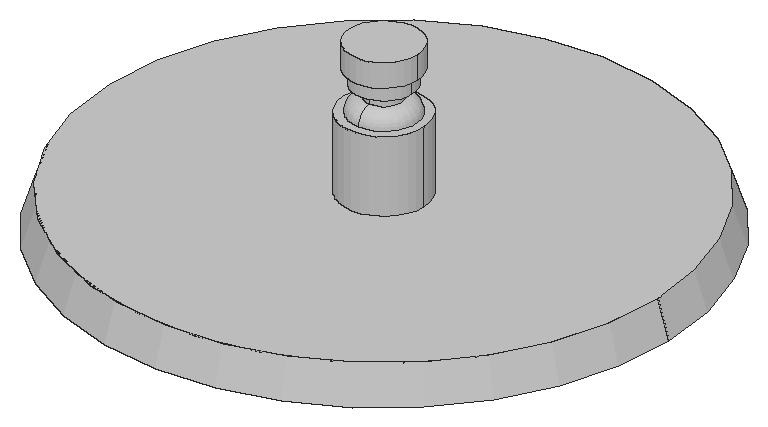
Revit family "SG0086543061CW", category Aparatos sanitarios, Revit 2019
Family settings
  Anfitrión = Techo
  Cota de conector redondo = Diámetro de uso
  Tipo de pieza = Normal
  Número OmniClass = 23.45.55.17
  Título OmniClass = Mixing Faucets
  Siempre vertical = Sí
  Corte con vacíos al cargar = No
  Compartido = No
  Punto de cálculo de habitación = No
Parameters (values of type "REGADERA REDONDA ABS 20 CM")
  Ø sanitario = 1.50 cm
  _EDESA_Revisado = "Calidad.Planos@edesa.com.ec"
  _EDESA_ Tipo de instalación = "Con brazo de ducha"
  _EDESA_ Tipo = "simple"
  _EDESA_ Sku/código = "SG0086543061CW"
  _EDESA_ Profundidad en cm = 20.00 cm
  _EDESA_ Productos necesarios para instalación = "Brazo de ducha"
  _EDESA_ Productos incluídos = ""
  _EDESA_ Peso en kg = ""
  _EDESA_ Nombre = "REGADERA REDONDA ABS 20 CM"
  _EDESA_ Materiales = "Latón"
  _EDESA_ Marca = "BRIGGS"
  _EDESA_ Manual de Instalación = "https://www.briggs.com.ec/productos/instructivos/Briggs/Griferia/Regadera_con_brazo.pdf"
  _EDESA_ Garantía = "De por vida para el cuerpo principal y acabado en cromo (306)"
  _EDESA_ Ficha Técnica = "https://www.briggs.com.ec/productos/fichastecnicaspdf/Briggs/Griferia/Regadera_redonda_ABS_20.pdf"
  _EDESA_ Descripción = "Regadera de ducha."
  _EDESA_ Cumple normativa ADA = ""
  _EDESA_ Contacto comercial = "(02) 395 2900"
  _EDESA_ Consumo/capacidad de agua en L = ""
  _EDESA_ Consumo de agua = "9.5 litros por minuto / 2.5 gpm"
  _EDESA_ Conexión hidráulica = "Entrada de agua: tubería ø 1/2\""
  _EDESA_ Color = "cromo"
  _EDESA_ Certificación = "Cumple con norma NTE - INEN 3123 basada en la norma ASME 112.18.1 - 2012."
  _EDESA_ Categoría = "Productos > Grifería > Ducha"
  _EDESA_ BIM Manager = "Ing. Evelyn Gavilanez"
  _EDESA_ Autor BIM = "http://www1.veraquintana.net/_sitevq/"
  _EDESA_ Ancho en cm = 0.00 cm
  _EDESA_ Alto en cm = 5.40 cm
  Uniformat II Description = ""
  Profundidad = 20.00 cm
  Omniclass Code = ""
  Cromo = Cromo
Reference planes (cm)
  plane 1 "Centro (Frontal/Posterior)": y = 0
  plane 2 "Techo": z = 243.84
  plane 3 "Centro (Izquierda/Derecha)": x = 0
  plane 4: z = 237.94
  plane 5: z = 239.14
  plane 6: z = 241.64
Forms (cm)
  Blend 1, solid, material "Cromo" <- "Cromo"
    base sketch origin (0, 0, 243.84) x (1, 0, 0) y (0, 1, 0)
      loop
        circle (0, 0) r 10
    top sketch origin (0, 0, 243.84) x (1, 0, 0) y (0, 1, 0)
      loop
        circle (0, 0) r 9.6
    from -5.9 to -4.7
  Extrusion 2, solid, material "Cromo" <- "Cromo"
    sketch origin (0, 0, 243.84) x (1, 0, 0) y (0, 1, 0)
      loop
        circle (0, 0) r 1.4
    from -4.7 to -2.2
  Revolve 3, solid, material "Cromo" <- "Cromo"
    sketch origin (0, 0, 3.7) x (0, 1, 0) y (0, 0, 1)
      loop
        line (0, 237.94) -> (0, 238.44) -> (-0.6, 238.44)
        arc (-0.6, 238.44) -> (-0.9536, 238.2936) -> (-1.1, 237.94) r 0.5
        line (-1.1, 237.94) -> (0, 237.94)
      axis (0, 237.94) -> (0, 238.44)
    angle from 0 to 360
  Revolve 4, solid, material "Cromo" <- "Cromo"
    sketch origin (0, 0, 3.7) x (0, 1, 0) y (0, 0, 1)
      loop
        line (0, 238.44) -> (0, 238.84) -> (-0.7, 238.84)
        arc (-0.7, 238.84) -> (-0.6293, 238.8107) -> (-0.6, 238.74) r 0.1
        line (-0.6, 238.74) -> (-0.6, 238.44) -> (0, 238.44)
      axis (0, 238.44) -> (0, 238.84)
    angle from 0 to 360
  Extrusion 5, solid, material "Cromo" <- "Cromo"
    sketch origin (0, 0, 243.84) x (1, 0, 0) y (0, 1, 0)
      loop
        circle (0, 0) r 0.993
    from -1.3 to -0.8
  Extrusion 6, solid, material "Cromo" <- "Cromo"
    sketch origin (0, 0, 243.84) x (1, 0, 0) y (0, 1, 0)
      loop
        circle (0, 0) r 1.18
    from -0.8 to 0
  Extrusion 7, solid
    sketch origin (0, 0, 243.84) x (1, 0, 0) y (0, 1, 0)
      loop
        circle (0, 1.45) r 0.2
    from -5.959 to -5.9
  Extrusion 8, solid, material "Cromo" <- "Cromo"
    sketch origin (0, 0, 243.84) x (1, 0, 0) y (0, 1, 0)
      loop
        circle (0, 1.45) r 0.1
    from -6.02 to -5.959
  Extrusion 9, solid
    sketch origin (0, 0, 243.84) x (0.5, -0.866025, 0) y (0.866025, 0.5, 0)
      loop
        circle (0, 1.45) r 0.2
    from -5.959 to -5.9
  Extrusion 10, solid, material "Cromo" <- "Cromo"
    sketch origin (0, 0, 243.84) x (0.5, -0.866025, 0) y (0.866025, 0.5, 0)
      loop
        circle (0, 1.45) r 0.1
    from -6.02 to -5.959
  Extrusion 11, solid
    sketch origin (0, 0, 243.84) x (-0.5, -0.866025, 0) y (0.866025, -0.5, 0)
      loop
        circle (0, -1.45) r 0.2
    from -5.959 to -5.9
  Extrusion 12, solid, material "Cromo" <- "Cromo"
    sketch origin (0, 0, 243.84) x (-0.5, -0.866025, 0) y (0.866025, -0.5, 0)
      loop
        circle (0, -1.45) r 0.1
    from -6.02 to -5.959
  Extrusion 13, solid
    sketch origin (0, 0, 243.84) x (1, 0, 0) y (0, 1, 0)
      loop
        circle (0, -1.45) r 0.2
    from -5.959 to -5.9
  Extrusion 14, solid, material "Cromo" <- "Cromo"
    sketch origin (0, 0, 243.84) x (1, 0, 0) y (0, 1, 0)
      loop
        circle (0, -1.45) r 0.1
    from -6.02 to -5.959
  Extrusion 15, solid
    sketch origin (0, 0, 243.84) x (0.5, 0.866025, 0) y (-0.866025, 0.5, 0)
      loop
        circle (0, -1.45) r 0.2
    from -5.959 to -5.9
  Extrusion 16, solid, material "Cromo" <- "Cromo"
    sketch origin (0, 0, 243.84) x (0.5, 0.866025, 0) y (-0.866025, 0.5, 0)
      loop
        circle (0, -1.45) r 0.1
    from -6.02 to -5.959
  Extrusion 17, solid
    sketch origin (0, 0, 243.84) x (-0.5, 0.866025, 0) y (-0.866025, -0.5, 0)
      loop
        circle (0, 1.45) r 0.2
    from -5.959 to -5.9
  Extrusion 18, solid, material "Cromo" <- "Cromo"
    sketch origin (0, 0, 243.84) x (-0.5, 0.866025, 0) y (-0.866025, -0.5, 0)
      loop
        circle (0, 1.45) r 0.1
    from -6.02 to -5.959
  Extrusion 19, solid
    sketch origin (0, 1.4, 243.84) x (1, 0, 0) y (0, 1, 0)
      loop
        circle (0, 1.45) r 0.2
    from -5.959 to -5.9
  Extrusion 20, solid, material "Cromo" <- "Cromo"
    sketch origin (0, 1.4, 243.84) x (1, 0, 0) y (0, 1, 0)
      loop
        circle (0, 1.45) r 0.1
    from -6.02 to -5.959
  Extrusion 21, solid
    sketch origin (0, 2.8, 243.84) x (1, 0, 0) y (0, 1, 0)
      loop
        circle (0, 1.45) r 0.2
    from -5.959 to -5.9
  Extrusion 22, solid, material "Cromo" <- "Cromo"
    sketch origin (0, 2.8, 243.84) x (1, 0, 0) y (0, 1, 0)
      loop
        circle (0, 1.45) r 0.1
    from -6.02 to -5.959
  Extrusion 23, solid
    sketch origin (0, 4.2, 243.84) x (1, 0, 0) y (0, 1, 0)
      loop
        circle (0, 1.45) r 0.2
    from -5.959 to -5.9
  Extrusion 24, solid, material "Cromo" <- "Cromo"
    sketch origin (0, 4.2, 243.84) x (1, 0, 0) y (0, 1, 0)
      loop
        circle (0, 1.45) r 0.1
    from -6.02 to -5.959
  Extrusion 25, solid
    sketch origin (0, 5.6, 243.84) x (1, 0, 0) y (0, 1, 0)
      loop
        circle (0, 1.45) r 0.2
    from -5.959 to -5.9
  Extrusion 26, solid, material "Cromo" <- "Cromo"
    sketch origin (0, 5.6, 243.84) x (1, 0, 0) y (0, 1, 0)
      loop
        circle (0, 1.45) r 0.1
    from -6.02 to -5.959
  Extrusion 27, solid
    sketch origin (0, 7, 243.84) x (1, 0, 0) y (0, 1, 0)
      loop
        circle (0, 1.45) r 0.2
    from -5.959 to -5.9
  Extrusion 28, solid, material "Cromo" <- "Cromo"
    sketch origin (0, 7, 243.84) x (1, 0, 0) y (0, 1, 0)
      loop
        circle (0, 1.45) r 0.1
    from -6.02 to -5.959
  Extrusion 29, solid
    sketch origin (0.7, 1.2124, 243.84) x (0.866025, -0.5, 0) y (0.5, 0.866025, 0)
      loop
        circle (0, 1.45) r 0.2
    from -5.959 to -5.9
  Extrusion 30, solid, material "Cromo" <- "Cromo"
    sketch origin (0.7, 1.2124, 243.84) x (0.866025, -0.5, 0) y (0.5, 0.866025, 0)
      loop
        circle (0, 1.45) r 0.1
    from -6.02 to -5.959
  Extrusion 31, solid
    sketch origin (1.2124, 0.7, 243.84) x (0.5, -0.866025, 0) y (0.866025, 0.5, 0)
      loop
        circle (0, 1.45) r 0.2
    from -5.959 to -5.9
  Extrusion 32, solid, material "Cromo" <- "Cromo"
    sketch origin (1.2124, 0.7, 243.84) x (0.5, -0.866025, 0) y (0.866025, 0.5, 0)
      loop
        circle (0, 1.45) r 0.1
    from -6.02 to -5.959
  Extrusion 33, solid
    sketch origin (1.4, 0, 243.84) x (0, -1, 0) y (1, 0, 0)
      loop
        circle (0, 1.45) r 0.2
    from -5.959 to -5.9
  Extrusion 34, solid, material "Cromo" <- "Cromo"
    sketch origin (1.4, 0, 243.84) x (0, -1, 0) y (1, 0, 0)
      loop
        circle (0, 1.45) r 0.1
    from -6.02 to -5.959
  Extrusion 35, solid
    sketch origin (1.2124, -0.7, 243.84) x (-0.5, -0.866025, 0) y (0.866025, -0.5, 0)
      loop
        circle (0, 1.45) r 0.2
    from -5.959 to -5.9
  Extrusion 36, solid, material "Cromo" <- "Cromo"
    sketch origin (1.2124, -0.7, 243.84) x (-0.5, -0.866025, 0) y (0.866025, -0.5, 0)
      loop
        circle (0, 1.45) r 0.1
    from -6.02 to -5.959
  Extrusion 37, solid
    sketch origin (0.7, -1.2124, 243.84) x (-0.866025, -0.5, 0) y (0.5, -0.866025, 0)
      loop
        circle (0, 1.45) r 0.2
    from -5.959 to -5.9
  Extrusion 38, solid, material "Cromo" <- "Cromo"
    sketch origin (0.7, -1.2124, 243.84) x (-0.866025, -0.5, 0) y (0.5, -0.866025, 0)
      loop
        circle (0, 1.45) r 0.1
    from -6.02 to -5.959
  Extrusion 39, solid
    sketch origin (0, -1.4, 243.84) x (-1, 0, 0) y (0, -1, 0)
      loop
        circle (0, 1.45) r 0.2
    from -5.959 to -5.9
  Extrusion 40, solid, material "Cromo" <- "Cromo"
    sketch origin (0, -1.4, 243.84) x (-1, 0, 0) y (0, -1, 0)
      loop
        circle (0, 1.45) r 0.1
    from -6.02 to -5.959
  Extrusion 41, solid
    sketch origin (-0.7, -1.2124, 243.84) x (-0.866025, 0.5, 0) y (-0.5, -0.866025, 0)
      loop
        circle (0, 1.45) r 0.2
    from -5.959 to -5.9
  Extrusion 42, solid, material "Cromo" <- "Cromo"
    sketch origin (-0.7, -1.2124, 243.84) x (-0.866025, 0.5, 0) y (-0.5, -0.866025, 0)
      loop
        circle (0, 1.45) r 0.1
    from -6.02 to -5.959
  Extrusion 43, solid
    sketch origin (-1.2124, -0.7, 243.84) x (-0.5, 0.866025, 0) y (-0.866025, -0.5, 0)
      loop
        circle (0, 1.45) r 0.2
    from -5.959 to -5.9
  Extrusion 44, solid, material "Cromo" <- "Cromo"
    sketch origin (-1.2124, -0.7, 243.84) x (-0.5, 0.866025, 0) y (-0.866025, -0.5, 0)
      loop
        circle (0, 1.45) r 0.1
    from -6.02 to -5.959
  Extrusion 45, solid
    sketch origin (-1.4, 0, 243.84) x (0, 1, 0) y (-1, 0, 0)
      loop
        circle (0, 1.45) r 0.2
    from -5.959 to -5.9
  Extrusion 46, solid, material "Cromo" <- "Cromo"
    sketch origin (-1.4, 0, 243.84) x (0, 1, 0) y (-1, 0, 0)
      loop
        circle (0, 1.45) r 0.1
    from -6.02 to -5.959
  Extrusion 47, solid
    sketch origin (-1.2124, 0.7, 243.84) x (0.5, 0.866025, 0) y (-0.866025, 0.5, 0)
      loop
        circle (0, 1.45) r 0.2
    from -5.959 to -5.9
  Extrusion 48, solid, material "Cromo" <- "Cromo"
    sketch origin (-1.2124, 0.7, 243.84) x (0.5, 0.866025, 0) y (-0.866025, 0.5, 0)
      loop
        circle (0, 1.45) r 0.1
    from -6.02 to -5.959
  Extrusion 49, solid
    sketch origin (-0.7, 1.2124, 243.84) x (0.866025, 0.5, 0) y (-0.5, 0.866025, 0)
      loop
        circle (0, 1.45) r 0.2
    from -5.959 to -5.9
  Extrusion 50, solid, material "Cromo" <- "Cromo"
    sketch origin (-0.7, 1.2124, 243.84) x (0.866025, 0.5, 0) y (-0.5, 0.866025, 0)
      loop
        circle (0, 1.45) r 0.1
    from -6.02 to -5.959
  Extrusion 51, solid
    sketch origin (1.0715, 2.5869, 243.84) x (0.92388, -0.382683, 0) y (0.382683, 0.92388, 0)
      loop
        circle (0, 1.45) r 0.2
    from -5.959 to -5.9
  Extrusion 52, solid, material "Cromo" <- "Cromo"
    sketch origin (1.0715, 2.5869, 243.84) x (0.92388, -0.382683, 0) y (0.382683, 0.92388, 0)
      loop
        circle (0, 1.45) r 0.1
    from -6.02 to -5.959
  Extrusion 53, solid
    sketch origin (1.9799, 1.9799, 243.84) x (0.707107, -0.707107, 0) y (0.707107, 0.707107, 0)
      loop
        circle (0, 1.45) r 0.2
    from -5.959 to -5.9
  Extrusion 54, solid, material "Cromo" <- "Cromo"
    sketch origin (1.9799, 1.9799, 243.84) x (0.707107, -0.707107, 0) y (0.707107, 0.707107, 0)
      loop
        circle (0, 1.45) r 0.1
    from -6.02 to -5.959
  Extrusion 55, solid
    sketch origin (2.5869, 1.0715, 243.84) x (0.382683, -0.92388, 0) y (0.92388, 0.382683, 0)
      loop
        circle (0, 1.45) r 0.2
    from -5.959 to -5.9
  Extrusion 56, solid, material "Cromo" <- "Cromo"
    sketch origin (2.5869, 1.0715, 243.84) x (0.382683, -0.92388, 0) y (0.92388, 0.382683, 0)
      loop
        circle (0, 1.45) r 0.1
    from -6.02 to -5.959
  Extrusion 57, solid
    sketch origin (2.8, 0, 243.84) x (0, -1, 0) y (1, 0, 0)
      loop
        circle (0, 1.45) r 0.2
    from -5.959 to -5.9
  Extrusion 58, solid, material "Cromo" <- "Cromo"
    sketch origin (2.8, 0, 243.84) x (0, -1, 0) y (1, 0, 0)
      loop
        circle (0, 1.45) r 0.1
    from -6.02 to -5.959
  Extrusion 59, solid
    sketch origin (2.5869, -1.0715, 243.84) x (-0.382683, -0.92388, 0) y (0.92388, -0.382683, 0)
      loop
        circle (0, 1.45) r 0.2
    from -5.959 to -5.9
  Extrusion 60, solid, material "Cromo" <- "Cromo"
    sketch origin (2.5869, -1.0715, 243.84) x (-0.382683, -0.92388, 0) y (0.92388, -0.382683, 0)
      loop
        circle (0, 1.45) r 0.1
    from -6.02 to -5.959
  Extrusion 61, solid
    sketch origin (1.9799, -1.9799, 243.84) x (-0.707107, -0.707107, 0) y (0.707107, -0.707107, 0)
      loop
        circle (0, 1.45) r 0.2
    from -5.959 to -5.9
  Extrusion 62, solid, material "Cromo" <- "Cromo"
    sketch origin (1.9799, -1.9799, 243.84) x (-0.707107, -0.707107, 0) y (0.707107, -0.707107, 0)
      loop
        circle (0, 1.45) r 0.1
    from -6.02 to -5.959
  Extrusion 63, solid
    sketch origin (1.0715, -2.5869, 243.84) x (-0.92388, -0.382683, 0) y (0.382683, -0.92388, 0)
      loop
        circle (0, 1.45) r 0.2
    from -5.959 to -5.9
  Extrusion 64, solid, material "Cromo" <- "Cromo"
    sketch origin (1.0715, -2.5869, 243.84) x (-0.92388, -0.382683, 0) y (0.382683, -0.92388, 0)
      loop
        circle (0, 1.45) r 0.1
    from -6.02 to -5.959
  Extrusion 65, solid
    sketch origin (0, -2.8, 243.84) x (-1, 0, 0) y (0, -1, 0)
      loop
        circle (0, 1.45) r 0.2
    from -5.959 to -5.9
  Extrusion 66, solid, material "Cromo" <- "Cromo"
    sketch origin (0, -2.8, 243.84) x (-1, 0, 0) y (0, -1, 0)
      loop
        circle (0, 1.45) r 0.1
    from -6.02 to -5.959
  Extrusion 67, solid
    sketch origin (-1.0715, -2.5869, 243.84) x (-0.92388, 0.382683, 0) y (-0.382683, -0.92388, 0)
      loop
        circle (0, 1.45) r 0.2
    from -5.959 to -5.9
  Extrusion 68, solid, material "Cromo" <- "Cromo"
    sketch origin (-1.0715, -2.5869, 243.84) x (-0.92388, 0.382683, 0) y (-0.382683, -0.92388, 0)
      loop
        circle (0, 1.45) r 0.1
    from -6.02 to -5.959
  Extrusion 69, solid
    sketch origin (-1.9799, -1.9799, 243.84) x (-0.707107, 0.707107, 0) y (-0.707107, -0.707107, 0)
      loop
        circle (0, 1.45) r 0.2
    from -5.959 to -5.9
  Extrusion 70, solid, material "Cromo" <- "Cromo"
    sketch origin (-1.9799, -1.9799, 243.84) x (-0.707107, 0.707107, 0) y (-0.707107, -0.707107, 0)
      loop
        circle (0, 1.45) r 0.1
    from -6.02 to -5.959
  Extrusion 71, solid
    sketch origin (-2.5869, -1.0715, 243.84) x (-0.382683, 0.92388, 0) y (-0.92388, -0.382683, 0)
      loop
        circle (0, 1.45) r 0.2
    from -5.959 to -5.9
  Extrusion 72, solid, material "Cromo" <- "Cromo"
    sketch origin (-2.5869, -1.0715, 243.84) x (-0.382683, 0.92388, 0) y (-0.92388, -0.382683, 0)
      loop
        circle (0, 1.45) r 0.1
    from -6.02 to -5.959
  Extrusion 73, solid
    sketch origin (-2.8, 0, 243.84) x (0, 1, 0) y (-1, 0, 0)
      loop
        circle (0, 1.45) r 0.2
    from -5.959 to -5.9
  Extrusion 74, solid, material "Cromo" <- "Cromo"
    sketch origin (-2.8, 0, 243.84) x (0, 1, 0) y (-1, 0, 0)
      loop
        circle (0, 1.45) r 0.1
    from -6.02 to -5.959
  Extrusion 75, solid
    sketch origin (-2.5869, 1.0715, 243.84) x (0.382683, 0.92388, 0) y (-0.92388, 0.382683, 0)
      loop
        circle (0, 1.45) r 0.2
    from -5.959 to -5.9
  Extrusion 76, solid, material "Cromo" <- "Cromo"
    sketch origin (-2.5869, 1.0715, 243.84) x (0.382683, 0.92388, 0) y (-0.92388, 0.382683, 0)
      loop
        circle (0, 1.45) r 0.1
    from -6.02 to -5.959
  Extrusion 77, solid
    sketch origin (-1.9799, 1.9799, 243.84) x (0.707107, 0.707107, 0) y (-0.707107, 0.707107, 0)
      loop
        circle (0, 1.45) r 0.2
    from -5.959 to -5.9
  Extrusion 78, solid, material "Cromo" <- "Cromo"
    sketch origin (-1.9799, 1.9799, 243.84) x (0.707107, 0.707107, 0) y (-0.707107, 0.707107, 0)
      loop
        circle (0, 1.45) r 0.1
    from -6.02 to -5.959
  Extrusion 79, solid
    sketch origin (-1.0715, 2.5869, 243.84) x (0.92388, 0.382683, 0) y (-0.382683, 0.92388, 0)
      loop
        circle (0, 1.45) r 0.2
    from -5.959 to -5.9
  Extrusion 80, solid, material "Cromo" <- "Cromo"
    sketch origin (-1.0715, 2.5869, 243.84) x (0.92388, 0.382683, 0) y (-0.382683, 0.92388, 0)
      loop
        circle (0, 1.45) r 0.1
    from -6.02 to -5.959
  Extrusion 81, solid
    sketch origin (1.2979, 3.9944, 243.84) x (0.951057, -0.309017, 0) y (0.309017, 0.951057, 0)
      loop
        circle (0, 1.45) r 0.2
    from -5.959 to -5.9
  Extrusion 82, solid, material "Cromo" <- "Cromo"
    sketch origin (1.2979, 3.9944, 243.84) x (0.951057, -0.309017, 0) y (0.309017, 0.951057, 0)
      loop
        circle (0, 1.45) r 0.1
    from -6.02 to -5.959
  Extrusion 83, solid
    sketch origin (2.4687, 3.3979, 243.84) x (0.809017, -0.587785, 0) y (0.587785, 0.809017, 0)
      loop
        circle (0, 1.45) r 0.2
    from -5.959 to -5.9
  Extrusion 84, solid, material "Cromo" <- "Cromo"
    sketch origin (2.4687, 3.3979, 243.84) x (0.809017, -0.587785, 0) y (0.587785, 0.809017, 0)
      loop
        circle (0, 1.45) r 0.1
    from -6.02 to -5.959
  Extrusion 85, solid
    sketch origin (3.3979, 2.4687, 243.84) x (0.587785, -0.809017, 0) y (0.809017, 0.587785, 0)
      loop
        circle (0, 1.45) r 0.2
    from -5.959 to -5.9
  Extrusion 86, solid, material "Cromo" <- "Cromo"
    sketch origin (3.3979, 2.4687, 243.84) x (0.587785, -0.809017, 0) y (0.809017, 0.587785, 0)
      loop
        circle (0, 1.45) r 0.1
    from -6.02 to -5.959
  Extrusion 87, solid
    sketch origin (3.9944, 1.2979, 243.84) x (0.309017, -0.951057, 0) y (0.951057, 0.309017, 0)
      loop
        circle (0, 1.45) r 0.2
    from -5.959 to -5.9
  Extrusion 88, solid, material "Cromo" <- "Cromo"
    sketch origin (3.9944, 1.2979, 243.84) x (0.309017, -0.951057, 0) y (0.951057, 0.309017, 0)
      loop
        circle (0, 1.45) r 0.1
    from -6.02 to -5.959
  Extrusion 89, solid
    sketch origin (4.2, 0, 243.84) x (0, -1, 0) y (1, 0, 0)
      loop
        circle (0, 1.45) r 0.2
    from -5.959 to -5.9
  Extrusion 90, solid, material "Cromo" <- "Cromo"
    sketch origin (4.2, 0, 243.84) x (0, -1, 0) y (1, 0, 0)
      loop
        circle (0, 1.45) r 0.1
    from -6.02 to -5.959
  Extrusion 91, solid
    sketch origin (3.9944, -1.2979, 243.84) x (-0.309017, -0.951057, 0) y (0.951057, -0.309017, 0)
      loop
        circle (0, 1.45) r 0.2
    from -5.959 to -5.9
  Extrusion 92, solid, material "Cromo" <- "Cromo"
    sketch origin (3.9944, -1.2979, 243.84) x (-0.309017, -0.951057, 0) y (0.951057, -0.309017, 0)
      loop
        circle (0, 1.45) r 0.1
    from -6.02 to -5.959
  Extrusion 93, solid
    sketch origin (3.3979, -2.4687, 243.84) x (-0.587785, -0.809017, 0) y (0.809017, -0.587785, 0)
      loop
        circle (0, 1.45) r 0.2
    from -5.959 to -5.9
  Extrusion 94, solid, material "Cromo" <- "Cromo"
    sketch origin (3.3979, -2.4687, 243.84) x (-0.587785, -0.809017, 0) y (0.809017, -0.587785, 0)
      loop
        circle (0, 1.45) r 0.1
    from -6.02 to -5.959
  Extrusion 95, solid
    sketch origin (2.4687, -3.3979, 243.84) x (-0.809017, -0.587785, 0) y (0.587785, -0.809017, 0)
      loop
        circle (0, 1.45) r 0.2
    from -5.959 to -5.9
  Extrusion 96, solid, material "Cromo" <- "Cromo"
    sketch origin (2.4687, -3.3979, 243.84) x (-0.809017, -0.587785, 0) y (0.587785, -0.809017, 0)
      loop
        circle (0, 1.45) r 0.1
    from -6.02 to -5.959
  Extrusion 97, solid
    sketch origin (1.2979, -3.9944, 243.84) x (-0.951057, -0.309017, 0) y (0.309017, -0.951057, 0)
      loop
        circle (0, 1.45) r 0.2
    from -5.959 to -5.9
  Extrusion 98, solid, material "Cromo" <- "Cromo"
    sketch origin (1.2979, -3.9944, 243.84) x (-0.951057, -0.309017, 0) y (0.309017, -0.951057, 0)
      loop
        circle (0, 1.45) r 0.1
    from -6.02 to -5.959
  Extrusion 99, solid
    sketch origin (0, -4.2, 243.84) x (-1, 0, 0) y (0, -1, 0)
      loop
        circle (0, 1.45) r 0.2
    from -5.959 to -5.9
  Extrusion 100, solid, material "Cromo" <- "Cromo"
    sketch origin (0, -4.2, 243.84) x (-1, 0, 0) y (0, -1, 0)
      loop
        circle (0, 1.45) r 0.1
    from -6.02 to -5.959
  Extrusion 101, solid
    sketch origin (-1.2979, -3.9944, 243.84) x (-0.951057, 0.309017, 0) y (-0.309017, -0.951057, 0)
      loop
        circle (0, 1.45) r 0.2
    from -5.959 to -5.9
  Extrusion 102, solid, material "Cromo" <- "Cromo"
    sketch origin (-1.2979, -3.9944, 243.84) x (-0.951057, 0.309017, 0) y (-0.309017, -0.951057, 0)
      loop
        circle (0, 1.45) r 0.1
    from -6.02 to -5.959
  Extrusion 103, solid
    sketch origin (-2.4687, -3.3979, 243.84) x (-0.809017, 0.587785, 0) y (-0.587785, -0.809017, 0)
      loop
        circle (0, 1.45) r 0.2
    from -5.959 to -5.9
  Extrusion 104, solid, material "Cromo" <- "Cromo"
    sketch origin (-2.4687, -3.3979, 243.84) x (-0.809017, 0.587785, 0) y (-0.587785, -0.809017, 0)
      loop
        circle (0, 1.45) r 0.1
    from -6.02 to -5.959
  Extrusion 105, solid
    sketch origin (-3.3979, -2.4687, 243.84) x (-0.587785, 0.809017, 0) y (-0.809017, -0.587785, 0)
      loop
        circle (0, 1.45) r 0.2
    from -5.959 to -5.9
  Extrusion 106, solid, material "Cromo" <- "Cromo"
    sketch origin (-3.3979, -2.4687, 243.84) x (-0.587785, 0.809017, 0) y (-0.809017, -0.587785, 0)
      loop
        circle (0, 1.45) r 0.1
    from -6.02 to -5.959
  Extrusion 107, solid
    sketch origin (-3.9944, -1.2979, 243.84) x (-0.309017, 0.951057, 0) y (-0.951057, -0.309017, 0)
      loop
        circle (0, 1.45) r 0.2
    from -5.959 to -5.9
  Extrusion 108, solid, material "Cromo" <- "Cromo"
    sketch origin (-3.9944, -1.2979, 243.84) x (-0.309017, 0.951057, 0) y (-0.951057, -0.309017, 0)
      loop
        circle (0, 1.45) r 0.1
    from -6.02 to -5.959
  Extrusion 109, solid
    sketch origin (-4.2, 0, 243.84) x (0, 1, 0) y (-1, 0, 0)
      loop
        circle (0, 1.45) r 0.2
    from -5.959 to -5.9
  Extrusion 110, solid, material "Cromo" <- "Cromo"
    sketch origin (-4.2, 0, 243.84) x (0, 1, 0) y (-1, 0, 0)
      loop
        circle (0, 1.45) r 0.1
    from -6.02 to -5.959
  Extrusion 111, solid
    sketch origin (-3.9944, 1.2979, 243.84) x (0.309017, 0.951057, 0) y (-0.951057, 0.309017, 0)
      loop
        circle (0, 1.45) r 0.2
    from -5.959 to -5.9
  Extrusion 112, solid, material "Cromo" <- "Cromo"
    sketch origin (-3.9944, 1.2979, 243.84) x (0.309017, 0.951057, 0) y (-0.951057, 0.309017, 0)
      loop
        circle (0, 1.45) r 0.1
    from -6.02 to -5.959
  Extrusion 113, solid
    sketch origin (-3.3979, 2.4687, 243.84) x (0.587785, 0.809017, 0) y (-0.809017, 0.587785, 0)
      loop
        circle (0, 1.45) r 0.2
    from -5.959 to -5.9
  Extrusion 114, solid, material "Cromo" <- "Cromo"
    sketch origin (-3.3979, 2.4687, 243.84) x (0.587785, 0.809017, 0) y (-0.809017, 0.587785, 0)
      loop
        circle (0, 1.45) r 0.1
    from -6.02 to -5.959
  Extrusion 115, solid
    sketch origin (-2.4687, 3.3979, 243.84) x (0.809017, 0.587785, 0) y (-0.587785, 0.809017, 0)
      loop
        circle (0, 1.45) r 0.2
    from -5.959 to -5.9
  Extrusion 116, solid, material "Cromo" <- "Cromo"
    sketch origin (-2.4687, 3.3979, 243.84) x (0.809017, 0.587785, 0) y (-0.587785, 0.809017, 0)
      loop
        circle (0, 1.45) r 0.1
    from -6.02 to -5.959
  Extrusion 117, solid
    sketch origin (-1.2979, 3.9944, 243.84) x (0.951057, 0.309017, 0) y (-0.309017, 0.951057, 0)
      loop
        circle (0, 1.45) r 0.2
    from -5.959 to -5.9
  Extrusion 118, solid, material "Cromo" <- "Cromo"
    sketch origin (-1.2979, 3.9944, 243.84) x (0.951057, 0.309017, 0) y (-0.309017, 0.951057, 0)
      loop
        circle (0, 1.45) r 0.1
    from -6.02 to -5.959
  Extrusion 119, solid
    sketch origin (1.4494, 5.4092, 243.84) x (0.965926, -0.258819, 0) y (0.258819, 0.965926, 0)
      loop
        circle (0, 1.45) r 0.2
    from -5.959 to -5.9
  Extrusion 120, solid, material "Cromo" <- "Cromo"
    sketch origin (1.4494, 5.4092, 243.84) x (0.965926, -0.258819, 0) y (0.258819, 0.965926, 0)
      loop
        circle (0, 1.45) r 0.1
    from -6.02 to -5.959
  Extrusion 121, solid
    sketch origin (2.8, 4.8497, 243.84) x (0.866025, -0.5, 0) y (0.5, 0.866025, 0)
      loop
        circle (0, 1.45) r 0.2
    from -5.959 to -5.9
  Extrusion 122, solid, material "Cromo" <- "Cromo"
    sketch origin (2.8, 4.8497, 243.84) x (0.866025, -0.5, 0) y (0.5, 0.866025, 0)
      loop
        circle (0, 1.45) r 0.1
    from -6.02 to -5.959
  Extrusion 123, solid
    sketch origin (3.9598, 3.9598, 243.84) x (0.707107, -0.707107, 0) y (0.707107, 0.707107, 0)
      loop
        circle (0, 1.45) r 0.2
    from -5.959 to -5.9
  Extrusion 124, solid, material "Cromo" <- "Cromo"
    sketch origin (3.9598, 3.9598, 243.84) x (0.707107, -0.707107, 0) y (0.707107, 0.707107, 0)
      loop
        circle (0, 1.45) r 0.1
    from -6.02 to -5.959
  Extrusion 125, solid
    sketch origin (4.8497, 2.8, 243.84) x (0.5, -0.866025, 0) y (0.866025, 0.5, 0)
      loop
        circle (0, 1.45) r 0.2
    from -5.959 to -5.9
  Extrusion 126, solid, material "Cromo" <- "Cromo"
    sketch origin (4.8497, 2.8, 243.84) x (0.5, -0.866025, 0) y (0.866025, 0.5, 0)
      loop
        circle (0, 1.45) r 0.1
    from -6.02 to -5.959
  Extrusion 127, solid
    sketch origin (5.4092, 1.4494, 243.84) x (0.258819, -0.965926, 0) y (0.965926, 0.258819, 0)
      loop
        circle (0, 1.45) r 0.2
    from -5.959 to -5.9
  Extrusion 128, solid, material "Cromo" <- "Cromo"
    sketch origin (5.4092, 1.4494, 243.84) x (0.258819, -0.965926, 0) y (0.965926, 0.258819, 0)
      loop
        circle (0, 1.45) r 0.1
    from -6.02 to -5.959
  Extrusion 129, solid
    sketch origin (5.6, 0, 243.84) x (0, -1, 0) y (1, 0, 0)
      loop
        circle (0, 1.45) r 0.2
    from -5.959 to -5.9
  Extrusion 130, solid, material "Cromo" <- "Cromo"
    sketch origin (5.6, 0, 243.84) x (0, -1, 0) y (1, 0, 0)
      loop
        circle (0, 1.45) r 0.1
    from -6.02 to -5.959
  Extrusion 131, solid
    sketch origin (5.4092, -1.4494, 243.84) x (-0.258819, -0.965926, 0) y (0.965926, -0.258819, 0)
      loop
        circle (0, 1.45) r 0.2
    from -5.959 to -5.9
  Extrusion 132, solid, material "Cromo" <- "Cromo"
    sketch origin (5.4092, -1.4494, 243.84) x (-0.258819, -0.965926, 0) y (0.965926, -0.258819, 0)
      loop
        circle (0, 1.45) r 0.1
    from -6.02 to -5.959
  Extrusion 133, solid
    sketch origin (4.8497, -2.8, 243.84) x (-0.5, -0.866025, 0) y (0.866025, -0.5, 0)
      loop
        circle (0, 1.45) r 0.2
    from -5.959 to -5.9
  Extrusion 134, solid, material "Cromo" <- "Cromo"
    sketch origin (4.8497, -2.8, 243.84) x (-0.5, -0.866025, 0) y (0.866025, -0.5, 0)
      loop
        circle (0, 1.45) r 0.1
    from -6.02 to -5.959
  Extrusion 135, solid
    sketch origin (3.9598, -3.9598, 243.84) x (-0.707107, -0.707107, 0) y (0.707107, -0.707107, 0)
      loop
        circle (0, 1.45) r 0.2
    from -5.959 to -5.9
  Extrusion 136, solid, material "Cromo" <- "Cromo"
    sketch origin (3.9598, -3.9598, 243.84) x (-0.707107, -0.707107, 0) y (0.707107, -0.707107, 0)
      loop
        circle (0, 1.45) r 0.1
    from -6.02 to -5.959
  Extrusion 137, solid
    sketch origin (2.8, -4.8497, 243.84) x (-0.866025, -0.5, 0) y (0.5, -0.866025, 0)
      loop
        circle (0, 1.45) r 0.2
    from -5.959 to -5.9
  Extrusion 138, solid, material "Cromo" <- "Cromo"
    sketch origin (2.8, -4.8497, 243.84) x (-0.866025, -0.5, 0) y (0.5, -0.866025, 0)
      loop
        circle (0, 1.45) r 0.1
    from -6.02 to -5.959
  Extrusion 139, solid
    sketch origin (1.4494, -5.4092, 243.84) x (-0.965926, -0.258819, 0) y (0.258819, -0.965926, 0)
      loop
        circle (0, 1.45) r 0.2
    from -5.959 to -5.9
  Extrusion 140, solid, material "Cromo" <- "Cromo"
    sketch origin (1.4494, -5.4092, 243.84) x (-0.965926, -0.258819, 0) y (0.258819, -0.965926, 0)
      loop
        circle (0, 1.45) r 0.1
    from -6.02 to -5.959
  Extrusion 141, solid
    sketch origin (0, -5.6, 243.84) x (-1, 0, 0) y (0, -1, 0)
      loop
        circle (0, 1.45) r 0.2
    from -5.959 to -5.9
  Extrusion 142, solid, material "Cromo" <- "Cromo"
    sketch origin (0, -5.6, 243.84) x (-1, 0, 0) y (0, -1, 0)
      loop
        circle (0, 1.45) r 0.1
    from -6.02 to -5.959
  Extrusion 143, solid
    sketch origin (-1.4494, -5.4092, 243.84) x (-0.965926, 0.258819, 0) y (-0.258819, -0.965926, 0)
      loop
        circle (0, 1.45) r 0.2
    from -5.959 to -5.9
  Extrusion 144, solid, material "Cromo" <- "Cromo"
    sketch origin (-1.4494, -5.4092, 243.84) x (-0.965926, 0.258819, 0) y (-0.258819, -0.965926, 0)
      loop
        circle (0, 1.45) r 0.1
    from -6.02 to -5.959
  Extrusion 145, solid
    sketch origin (-2.8, -4.8497, 243.84) x (-0.866025, 0.5, 0) y (-0.5, -0.866025, 0)
      loop
        circle (0, 1.45) r 0.2
    from -5.959 to -5.9
  Extrusion 146, solid, material "Cromo" <- "Cromo"
    sketch origin (-2.8, -4.8497, 243.84) x (-0.866025, 0.5, 0) y (-0.5, -0.866025, 0)
      loop
        circle (0, 1.45) r 0.1
    from -6.02 to -5.959
  Extrusion 147, solid
    sketch origin (-3.9598, -3.9598, 243.84) x (-0.707107, 0.707107, 0) y (-0.707107, -0.707107, 0)
      loop
        circle (0, 1.45) r 0.2
    from -5.959 to -5.9
  Extrusion 148, solid, material "Cromo" <- "Cromo"
    sketch origin (-3.9598, -3.9598, 243.84) x (-0.707107, 0.707107, 0) y (-0.707107, -0.707107, 0)
      loop
        circle (0, 1.45) r 0.1
    from -6.02 to -5.959
  Extrusion 149, solid
    sketch origin (-4.8497, -2.8, 243.84) x (-0.5, 0.866025, 0) y (-0.866025, -0.5, 0)
      loop
        circle (0, 1.45) r 0.2
    from -5.959 to -5.9
  Extrusion 150, solid, material "Cromo" <- "Cromo"
    sketch origin (-4.8497, -2.8, 243.84) x (-0.5, 0.866025, 0) y (-0.866025, -0.5, 0)
      loop
        circle (0, 1.45) r 0.1
    from -6.02 to -5.959
  Extrusion 151, solid
    sketch origin (-5.4092, -1.4494, 243.84) x (-0.258819, 0.965926, 0) y (-0.965926, -0.258819, 0)
      loop
        circle (0, 1.45) r 0.2
    from -5.959 to -5.9
  Extrusion 152, solid, material "Cromo" <- "Cromo"
    sketch origin (-5.4092, -1.4494, 243.84) x (-0.258819, 0.965926, 0) y (-0.965926, -0.258819, 0)
      loop
        circle (0, 1.45) r 0.1
    from -6.02 to -5.959
  Extrusion 153, solid
    sketch origin (-5.6, 0, 243.84) x (0, 1, 0) y (-1, 0, 0)
      loop
        circle (0, 1.45) r 0.2
    from -5.959 to -5.9
  Extrusion 154, solid, material "Cromo" <- "Cromo"
    sketch origin (-5.6, 0, 243.84) x (0, 1, 0) y (-1, 0, 0)
      loop
        circle (0, 1.45) r 0.1
    from -6.02 to -5.959
  Extrusion 155, solid
    sketch origin (-5.4092, 1.4494, 243.84) x (0.258819, 0.965926, 0) y (-0.965926, 0.258819, 0)
      loop
        circle (0, 1.45) r 0.2
    from -5.959 to -5.9
  Extrusion 156, solid, material "Cromo" <- "Cromo"
    sketch origin (-5.4092, 1.4494, 243.84) x (0.258819, 0.965926, 0) y (-0.965926, 0.258819, 0)
      loop
        circle (0, 1.45) r 0.1
    from -6.02 to -5.959
  Extrusion 157, solid
    sketch origin (-4.8497, 2.8, 243.84) x (0.5, 0.866025, 0) y (-0.866025, 0.5, 0)
      loop
        circle (0, 1.45) r 0.2
    from -5.959 to -5.9
  Extrusion 158, solid, material "Cromo" <- "Cromo"
    sketch origin (-4.8497, 2.8, 243.84) x (0.5, 0.866025, 0) y (-0.866025, 0.5, 0)
      loop
        circle (0, 1.45) r 0.1
    from -6.02 to -5.959
  Extrusion 159, solid
    sketch origin (-3.9598, 3.9598, 243.84) x (0.707107, 0.707107, 0) y (-0.707107, 0.707107, 0)
      loop
        circle (0, 1.45) r 0.2
    from -5.959 to -5.9
  Extrusion 160, solid, material "Cromo" <- "Cromo"
    sketch origin (-3.9598, 3.9598, 243.84) x (0.707107, 0.707107, 0) y (-0.707107, 0.707107, 0)
      loop
        circle (0, 1.45) r 0.1
    from -6.02 to -5.959
  Extrusion 161, solid
    sketch origin (-2.8, 4.8497, 243.84) x (0.866025, 0.5, 0) y (-0.5, 0.866025, 0)
      loop
        circle (0, 1.45) r 0.2
    from -5.959 to -5.9
  Extrusion 162, solid, material "Cromo" <- "Cromo"
    sketch origin (-2.8, 4.8497, 243.84) x (0.866025, 0.5, 0) y (-0.5, 0.866025, 0)
      loop
        circle (0, 1.45) r 0.1
    from -6.02 to -5.959
  Extrusion 163, solid
    sketch origin (-1.4494, 5.4092, 243.84) x (0.965926, 0.258819, 0) y (-0.258819, 0.965926, 0)
      loop
        circle (0, 1.45) r 0.2
    from -5.959 to -5.9
  Extrusion 164, solid, material "Cromo" <- "Cromo"
    sketch origin (-1.4494, 5.4092, 243.84) x (0.965926, 0.258819, 0) y (-0.258819, 0.965926, 0)
      loop
        circle (0, 1.45) r 0.1
    from -6.02 to -5.959
  Extrusion 165, solid
    sketch origin (1.5576, 6.8245, 243.84) x (0.974928, -0.222521, 0) y (0.222521, 0.974928, 0)
      loop
        circle (0, 1.45) r 0.2
    from -5.959 to -5.9
  Extrusion 166, solid, material "Cromo" <- "Cromo"
    sketch origin (1.5576, 6.8245, 243.84) x (0.974928, -0.222521, 0) y (0.222521, 0.974928, 0)
      loop
        circle (0, 1.45) r 0.1
    from -6.02 to -5.959
  Extrusion 167, solid
    sketch origin (3.0372, 6.3068, 243.84) x (0.900969, -0.433884, 0) y (0.433884, 0.900969, 0)
      loop
        circle (0, 1.45) r 0.2
    from -5.959 to -5.9
  Extrusion 168, solid, material "Cromo" <- "Cromo"
    sketch origin (3.0372, 6.3068, 243.84) x (0.900969, -0.433884, 0) y (0.433884, 0.900969, 0)
      loop
        circle (0, 1.45) r 0.1
    from -6.02 to -5.959
  Extrusion 169, solid
    sketch origin (4.3644, 5.4728, 243.84) x (0.781831, -0.62349, 0) y (0.62349, 0.781831, 0)
      loop
        circle (0, 1.45) r 0.2
    from -5.959 to -5.9
  Extrusion 170, solid, material "Cromo" <- "Cromo"
    sketch origin (4.3644, 5.4728, 243.84) x (0.781831, -0.62349, 0) y (0.62349, 0.781831, 0)
      loop
        circle (0, 1.45) r 0.1
    from -6.02 to -5.959
  Extrusion 171, solid
    sketch origin (5.4728, 4.3644, 243.84) x (0.62349, -0.781831, 0) y (0.781831, 0.62349, 0)
      loop
        circle (0, 1.45) r 0.2
    from -5.959 to -5.9
  Extrusion 172, solid, material "Cromo" <- "Cromo"
    sketch origin (5.4728, 4.3644, 243.84) x (0.62349, -0.781831, 0) y (0.781831, 0.62349, 0)
      loop
        circle (0, 1.45) r 0.1
    from -6.02 to -5.959
  Extrusion 173, solid
    sketch origin (6.3068, 3.0372, 243.84) x (0.433884, -0.900969, 0) y (0.900969, 0.433884, 0)
      loop
        circle (0, 1.45) r 0.2
    from -5.959 to -5.9
  Extrusion 174, solid, material "Cromo" <- "Cromo"
    sketch origin (6.3068, 3.0372, 243.84) x (0.433884, -0.900969, 0) y (0.900969, 0.433884, 0)
      loop
        circle (0, 1.45) r 0.1
    from -6.02 to -5.959
  Extrusion 175, solid
    sketch origin (6.8245, 1.5576, 243.84) x (0.222521, -0.974928, 0) y (0.974928, 0.222521, 0)
      loop
        circle (0, 1.45) r 0.2
    from -5.959 to -5.9
  Extrusion 176, solid, material "Cromo" <- "Cromo"
    sketch origin (6.8245, 1.5576, 243.84) x (0.222521, -0.974928, 0) y (0.974928, 0.222521, 0)
      loop
        circle (0, 1.45) r 0.1
    from -6.02 to -5.959
  Extrusion 177, solid
    sketch origin (7, 0, 243.84) x (0, -1, 0) y (1, 0, 0)
      loop
        circle (0, 1.45) r 0.2
    from -5.959 to -5.9
  Extrusion 178, solid, material "Cromo" <- "Cromo"
    sketch origin (7, 0, 243.84) x (0, -1, 0) y (1, 0, 0)
      loop
        circle (0, 1.45) r 0.1
    from -6.02 to -5.959
  Extrusion 179, solid
    sketch origin (6.8245, -1.5576, 243.84) x (-0.222521, -0.974928, 0) y (0.974928, -0.222521, 0)
      loop
        circle (0, 1.45) r 0.2
    from -5.959 to -5.9
  Extrusion 180, solid, material "Cromo" <- "Cromo"
    sketch origin (6.8245, -1.5576, 243.84) x (-0.222521, -0.974928, 0) y (0.974928, -0.222521, 0)
      loop
        circle (0, 1.45) r 0.1
    from -6.02 to -5.959
  Extrusion 181, solid
    sketch origin (6.3068, -3.0372, 243.84) x (-0.433884, -0.900969, 0) y (0.900969, -0.433884, 0)
      loop
        circle (0, 1.45) r 0.2
    from -5.959 to -5.9
  Extrusion 182, solid, material "Cromo" <- "Cromo"
    sketch origin (6.3068, -3.0372, 243.84) x (-0.433884, -0.900969, 0) y (0.900969, -0.433884, 0)
      loop
        circle (0, 1.45) r 0.1
    from -6.02 to -5.959
  Extrusion 183, solid
    sketch origin (5.4728, -4.3644, 243.84) x (-0.62349, -0.781831, 0) y (0.781831, -0.62349, 0)
      loop
        circle (0, 1.45) r 0.2
    from -5.959 to -5.9
  Extrusion 184, solid, material "Cromo" <- "Cromo"
    sketch origin (5.4728, -4.3644, 243.84) x (-0.62349, -0.781831, 0) y (0.781831, -0.62349, 0)
      loop
        circle (0, 1.45) r 0.1
    from -6.02 to -5.959
  Extrusion 185, solid
    sketch origin (4.3644, -5.4728, 243.84) x (-0.781831, -0.62349, 0) y (0.62349, -0.781831, 0)
      loop
        circle (0, 1.45) r 0.2
    from -5.959 to -5.9
  Extrusion 186, solid, material "Cromo" <- "Cromo"
    sketch origin (4.3644, -5.4728, 243.84) x (-0.781831, -0.62349, 0) y (0.62349, -0.781831, 0)
      loop
        circle (0, 1.45) r 0.1
    from -6.02 to -5.959
  Extrusion 187, solid
    sketch origin (3.0372, -6.3068, 243.84) x (-0.900969, -0.433884, 0) y (0.433884, -0.900969, 0)
      loop
        circle (0, 1.45) r 0.2
    from -5.959 to -5.9
  Extrusion 188, solid, material "Cromo" <- "Cromo"
    sketch origin (3.0372, -6.3068, 243.84) x (-0.900969, -0.433884, 0) y (0.433884, -0.900969, 0)
      loop
        circle (0, 1.45) r 0.1
    from -6.02 to -5.959
  Extrusion 189, solid
    sketch origin (1.5576, -6.8245, 243.84) x (-0.974928, -0.222521, 0) y (0.222521, -0.974928, 0)
      loop
        circle (0, 1.45) r 0.2
    from -5.959 to -5.9
  Extrusion 190, solid, material "Cromo" <- "Cromo"
    sketch origin (1.5576, -6.8245, 243.84) x (-0.974928, -0.222521, 0) y (0.222521, -0.974928, 0)
      loop
        circle (0, 1.45) r 0.1
    from -6.02 to -5.959
  Extrusion 191, solid
    sketch origin (0, -7, 243.84) x (-1, 0, 0) y (0, -1, 0)
      loop
        circle (0, 1.45) r 0.2
    from -5.959 to -5.9
  Extrusion 192, solid, material "Cromo" <- "Cromo"
    sketch origin (0, -7, 243.84) x (-1, 0, 0) y (0, -1, 0)
      loop
        circle (0, 1.45) r 0.1
    from -6.02 to -5.959
  Extrusion 193, solid
    sketch origin (-1.5576, -6.8245, 243.84) x (-0.974928, 0.222521, 0) y (-0.222521, -0.974928, 0)
      loop
        circle (0, 1.45) r 0.2
    from -5.959 to -5.9
  Extrusion 194, solid, material "Cromo" <- "Cromo"
    sketch origin (-1.5576, -6.8245, 243.84) x (-0.974928, 0.222521, 0) y (-0.222521, -0.974928, 0)
      loop
        circle (0, 1.45) r 0.1
    from -6.02 to -5.959
  Extrusion 195, solid
    sketch origin (-3.0372, -6.3068, 243.84) x (-0.900969, 0.433884, 0) y (-0.433884, -0.900969, 0)
      loop
        circle (0, 1.45) r 0.2
    from -5.959 to -5.9
  Extrusion 196, solid, material "Cromo" <- "Cromo"
    sketch origin (-3.0372, -6.3068, 243.84) x (-0.900969, 0.433884, 0) y (-0.433884, -0.900969, 0)
      loop
        circle (0, 1.45) r 0.1
    from -6.02 to -5.959
  Extrusion 197, solid
    sketch origin (-4.3644, -5.4728, 243.84) x (-0.781831, 0.62349, 0) y (-0.62349, -0.781831, 0)
      loop
        circle (0, 1.45) r 0.2
    from -5.959 to -5.9
  Extrusion 198, solid, material "Cromo" <- "Cromo"
    sketch origin (-4.3644, -5.4728, 243.84) x (-0.781831, 0.62349, 0) y (-0.62349, -0.781831, 0)
      loop
        circle (0, 1.45) r 0.1
    from -6.02 to -5.959
  Extrusion 199, solid
    sketch origin (-5.4728, -4.3644, 243.84) x (-0.62349, 0.781831, 0) y (-0.781831, -0.62349, 0)
      loop
        circle (0, 1.45) r 0.2
    from -5.959 to -5.9
  Extrusion 200, solid, material "Cromo" <- "Cromo"
    sketch origin (-5.4728, -4.3644, 243.84) x (-0.62349, 0.781831, 0) y (-0.781831, -0.62349, 0)
      loop
        circle (0, 1.45) r 0.1
    from -6.02 to -5.959
  Extrusion 201, solid
    sketch origin (-6.3068, -3.0372, 243.84) x (-0.433884, 0.900969, 0) y (-0.900969, -0.433884, 0)
      loop
        circle (0, 1.45) r 0.2
    from -5.959 to -5.9
  Extrusion 202, solid, material "Cromo" <- "Cromo"
    sketch origin (-6.3068, -3.0372, 243.84) x (-0.433884, 0.900969, 0) y (-0.900969, -0.433884, 0)
      loop
        circle (0, 1.45) r 0.1
    from -6.02 to -5.959
  Extrusion 203, solid
    sketch origin (-6.8245, -1.5576, 243.84) x (-0.222521, 0.974928, 0) y (-0.974928, -0.222521, 0)
      loop
        circle (0, 1.45) r 0.2
    from -5.959 to -5.9
  Extrusion 204, solid, material "Cromo" <- "Cromo"
    sketch origin (-6.8245, -1.5576, 243.84) x (-0.222521, 0.974928, 0) y (-0.974928, -0.222521, 0)
      loop
        circle (0, 1.45) r 0.1
    from -6.02 to -5.959
  Extrusion 205, solid
    sketch origin (-7, 0, 243.84) x (0, 1, 0) y (-1, 0, 0)
      loop
        circle (0, 1.45) r 0.2
    from -5.959 to -5.9
  Extrusion 206, solid, material "Cromo" <- "Cromo"
    sketch origin (-7, 0, 243.84) x (0, 1, 0) y (-1, 0, 0)
      loop
        circle (0, 1.45) r 0.1
    from -6.02 to -5.959
  Extrusion 207, solid
    sketch origin (-6.8245, 1.5576, 243.84) x (0.222521, 0.974928, 0) y (-0.974928, 0.222521, 0)
      loop
        circle (0, 1.45) r 0.2
    from -5.959 to -5.9
  Extrusion 208, solid, material "Cromo" <- "Cromo"
    sketch origin (-6.8245, 1.5576, 243.84) x (0.222521, 0.974928, 0) y (-0.974928, 0.222521, 0)
      loop
        circle (0, 1.45) r 0.1
    from -6.02 to -5.959
  Extrusion 209, solid
    sketch origin (-6.3068, 3.0372, 243.84) x (0.433884, 0.900969, 0) y (-0.900969, 0.433884, 0)
      loop
        circle (0, 1.45) r 0.2
    from -5.959 to -5.9
  Extrusion 210, solid, material "Cromo" <- "Cromo"
    sketch origin (-6.3068, 3.0372, 243.84) x (0.433884, 0.900969, 0) y (-0.900969, 0.433884, 0)
      loop
        circle (0, 1.45) r 0.1
    from -6.02 to -5.959
  Extrusion 211, solid
    sketch origin (-5.4728, 4.3644, 243.84) x (0.62349, 0.781831, 0) y (-0.781831, 0.62349, 0)
      loop
        circle (0, 1.45) r 0.2
    from -5.959 to -5.9
  Extrusion 212, solid, material "Cromo" <- "Cromo"
    sketch origin (-5.4728, 4.3644, 243.84) x (0.62349, 0.781831, 0) y (-0.781831, 0.62349, 0)
      loop
        circle (0, 1.45) r 0.1
    from -6.02 to -5.959
  Extrusion 213, solid
    sketch origin (-4.3644, 5.4728, 243.84) x (0.781831, 0.62349, 0) y (-0.62349, 0.781831, 0)
      loop
        circle (0, 1.45) r 0.2
    from -5.959 to -5.9
  Extrusion 214, solid, material "Cromo" <- "Cromo"
    sketch origin (-4.3644, 5.4728, 243.84) x (0.781831, 0.62349, 0) y (-0.62349, 0.781831, 0)
      loop
        circle (0, 1.45) r 0.1
    from -6.02 to -5.959
  Extrusion 215, solid
    sketch origin (-3.0372, 6.3068, 243.84) x (0.900969, 0.433884, 0) y (-0.433884, 0.900969, 0)
      loop
        circle (0, 1.45) r 0.2
    from -5.959 to -5.9
  Extrusion 216, solid, material "Cromo" <- "Cromo"
    sketch origin (-3.0372, 6.3068, 243.84) x (0.900969, 0.433884, 0) y (-0.433884, 0.900969, 0)
      loop
        circle (0, 1.45) r 0.1
    from -6.02 to -5.959
  Extrusion 217, solid
    sketch origin (-1.5576, 6.8245, 243.84) x (0.974928, 0.222521, 0) y (-0.222521, 0.974928, 0)
      loop
        circle (0, 1.45) r 0.2
    from -5.959 to -5.9
  Extrusion 218, solid, material "Cromo" <- "Cromo"
    sketch origin (-1.5576, 6.8245, 243.84) x (0.974928, 0.222521, 0) y (-0.222521, 0.974928, 0)
      loop
        circle (0, 1.45) r 0.1
    from -6.02 to -5.959
  Extrusion 219, solid
    sketch origin (0, 7, 243.84) x (1, 0, 0) y (0, 1, 0)
      loop
        circle (0, 1.45) r 0.2
    from -5.959 to -5.9
  Extrusion 220, solid, material "Cromo" <- "Cromo"
    sketch origin (0, 7, 243.84) x (1, 0, 0) y (0, 1, 0)
      loop
        circle (0, 1.45) r 0.1
    from -6.02 to -5.959
Lines and regions (cm)
  model lines
    curve 1: line (0, 0, 243.84) -> (0, 4.5, 243.84)
Dimensions and locks (cm)
  equal spacing: host sketch curve, plane 3 "Centro (Izquierda/Derecha)", host sketch curve
  equal spacing: host sketch curve, plane 1 "Centro (Frontal/Posterior)", host sketch curve
  host sketch curve to host sketch curve = 304.80 cm  (x2)
  plane 2 "Techo" to plane 5 = 4.70 cm
  plane 2 "Techo" to plane 6 = 2.20 cm
  plane 2 "Techo" to plane 4 = 5.90 cm
  aligned and locked: Extrusion 2 to plane 6
  aligned and locked: plane 4 to Blend 1
  aligned and locked: Blend 1 to plane 5
  aligned and locked: Extrusion 2 to Blend 1
Connectors (cm)
  piping at (0, 0, 243.84), diameter 1.5, driven by "Ø sanitario"
    settings: on Extrusion 6, index 1, connector inside diameter 609.6 mm, connector length 0.00 cm, flow factor 0, pipe flow 9.5 L/s, pressure drop 0.0 Pa, fitting loss kfactor 0, connector angle 0.00°, fixture units 0, engagement length 0.00 cm, angle of deflection 0.00°, flow configuration 0, flow direction 1, fitting loss method 2, system type 20, joint type 0, gender type 0, connector reference index -1, connector utility 0, adjustable connector no, is connector primary yes, connector description ""
